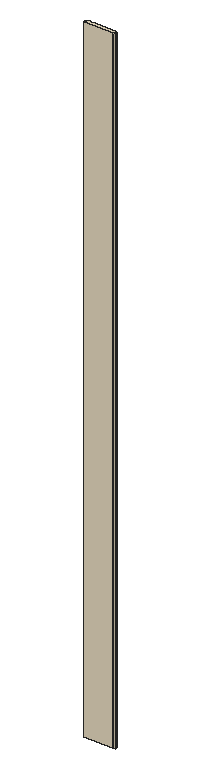
Revit family "HOB_GEN_Symphony_Forte_3", category Generic Models, Revit 2026
Family settings
  Can host rebar = No
  Round Connector Dimension = Use Diameter
  Part Type = Normal
  Work Plane-Based = No
  Always vertical = Yes
  Cut with Voids When Loaded = No
  Maintain Annotation Orientation = No
  Shared = Yes
  Room Calculation Point = No
Parameters
  URL = "https://houseofbamboo.com.au/"
  SectionArea = 0.002 m²  # constant formula
  Model = "Forte 3"
  Material = Bamboo_horizontalGrain
  Manufacturer = "House Of Bamboo"
  Length [instance] = 2900 mm
  Description = "140 mm x 18 mm x 1860 mm"
  Default Elevation = 0 mm
  BambooVolume [instance] = 0.002 m² * Length  # 0.0058 m³
Reference planes
  plane 1 "Center (Front/Back)": y = 0
  plane 2: z = 0
  plane 3 "Center (Left/Right)": x = 0
  plane 4: x = 140
  plane 5: y = 18
  plane 6: z = 2900
Forms (mm)
  Extrusion 1, solid, material "Bamboo_horizontalGrain" <- "Material"
    sketch origin (-7, 0, 0) x (1, 0, 0) y (0, 1, 0)
      loop
        arc (138.953, 0) -> (139.66, 0.293) -> (139.953, 1) r 1
        line (139.953, 1) -> (139.953, 5.15) -> (145.953, 5.15)
        arc (145.953, 5.15) -> (146.66, 5.443) -> (146.953, 6.15) r 1
        line (146.953, 6.15) -> (146.953, 7.85)
        arc (146.953, 7.85) -> (146.66, 8.557) -> (145.953, 8.85) r 1
        line (145.953, 8.85) -> (141.953, 8.85) -> (141.953, 12.961)
        arc (141.953, 12.961) -> (141.68, 13.647) -> (141.01, 13.959) r 1
        arc (141.01, 13.959) -> (135.872, 15.087) -> (131.347, 17.768) r 16.583
        arc (131.347, 17.768) -> (130.707, 17.999) -> (130.067, 17.768) r 1
        arc (130.067, 17.768) -> (119.461, 13.932) -> (108.854, 17.768) r 16.583
        arc (108.854, 17.768) -> (108.215, 17.999) -> (107.575, 17.768) r 1
        arc (107.575, 17.768) -> (96.969, 13.932) -> (86.362, 17.768) r 16.583
        arc (86.362, 17.768) -> (85.723, 17.999) -> (85.083, 17.768) r 1
        arc (85.083, 17.768) -> (74.477, 13.932) -> (63.87, 17.768) r 16.583
        arc (63.87, 17.768) -> (63.23, 17.999) -> (62.591, 17.768) r 1
        arc (62.591, 17.768) -> (51.984, 13.932) -> (41.378, 17.768) r 16.583
        arc (41.378, 17.768) -> (40.738, 17.999) -> (40.098, 17.768) r 1
        arc (40.098, 17.768) -> (29.492, 13.932) -> (18.885, 17.767) r 16.583
        arc (18.885, 17.767) -> (18.246, 17.999) -> (17.606, 17.767) r 1
        arc (17.606, 17.767) -> (13.081, 15.087) -> (7.943, 13.959) r 16.583
        arc (7.943, 13.959) -> (7.273, 13.647) -> (7, 12.961) r 1
        line (7, 12.961) -> (7, 10.1)
        arc (7, 10.1) -> (7.293, 9.393) -> (8, 9.1) r 1
        line (8, 9.1) -> (12.5, 9.1) -> (12.5, 4.9) -> (8, 4.9)
        arc (8, 4.9) -> (7.293, 4.607) -> (7, 3.9) r 1
        line (7, 3.9) -> (7, 1)
        arc (7, 1) -> (7.293, 0.293) -> (8, 0) r 1
        line (8, 0) -> (138.953, 0)
    from 0 to 2900
Dimensions and locks
  plane 3 "Center (Left/Right)" to plane 4 = 140 mm
  plane 5 to plane 1 "Center (Front/Back)" = 18 mm
  "Length": plane 6 to plane 2
  aligned and locked: level to plane 2
  aligned and locked: plane 6 to Extrusion 1
  aligned and locked: Extrusion 1 to level
Automatic sketch dimensions
  plane 3 "Center (Left/Right)" to Extrusion 1 sketch curve = 0 mm  (x3)
  Extrusion 1 sketch curve to Extrusion 1 sketch curve = 1 mm  (x6)
  Extrusion 1 sketch curve to Extrusion 1 sketch curve = 4.5 mm
  Extrusion 1 sketch curve to Extrusion 1 sketch curve = 5.746 mm
  Extrusion 1 sketch curve to Extrusion 1 sketch curve = 11.246 mm  (x9)
  Extrusion 1 sketch curve to plane 4 = 16.293 mm
  Extrusion 1 sketch curve to plane 4 = 8.047 mm
  Extrusion 1 sketch curve to plane 4 = 6.047 mm
  Extrusion 1 sketch curve to plane 4 = 5.047 mm  (x2)
  Extrusion 1 sketch curve to plane 4 = 1.047 mm  (x2)
  Extrusion 1 sketch curve to plane 5 = 18 mm
  Extrusion 1 sketch curve to Extrusion 1 sketch curve = 2.9 mm
  Extrusion 1 sketch curve to Extrusion 1 sketch curve = 4.15 mm
  Extrusion 1 sketch curve to Extrusion 1 sketch curve = 1.7 mm
  Extrusion 1 sketch curve to Extrusion 1 sketch curve = 4.2 mm
  Extrusion 1 sketch curve to Extrusion 1 sketch curve = 2.861 mm
  Extrusion 1 sketch curve to Extrusion 1 sketch curve = 4.111 mm
  Extrusion 1 sketch curve to Extrusion 1 sketch curve = 7.899 mm
  Extrusion 1 sketch curve to Extrusion 1 sketch curve = 4.038 mm
  Extrusion 1 sketch curve to Extrusion 1 sketch curve = 0 mm  (x16)
  Extrusion 1 sketch curve to Extrusion 1 sketch curve = 0.001 mm
  Extrusion 1 sketch curve to Extrusion 1 sketch curve = 13.517 mm
  Extrusion 1 sketch curve to Extrusion 1 sketch curve = 13.516 mm  (x4)
  Extrusion 1 sketch curve to Extrusion 1 sketch curve = 17.555 mm
  Extrusion 1 sketch curve to Extrusion 1 sketch curve = 0.057 mm
